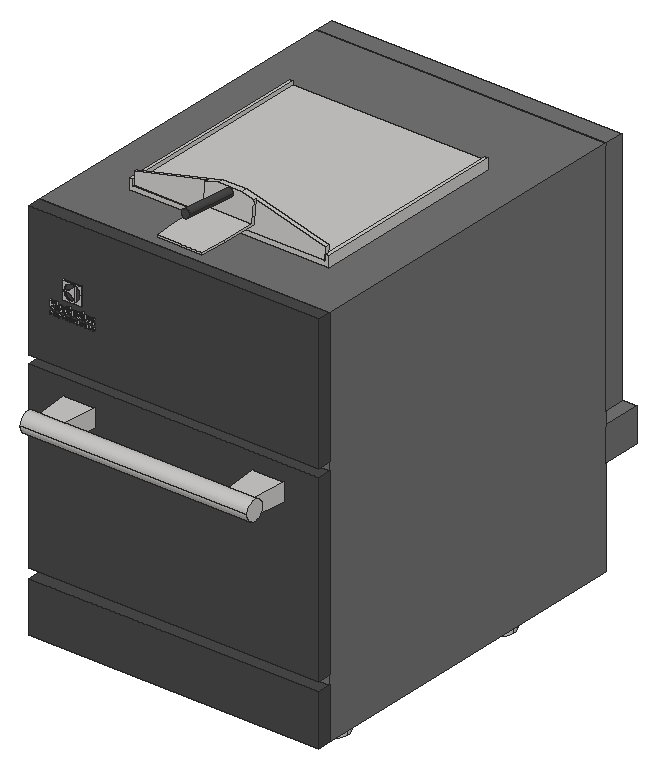
Revit family "QF_ELECTROLUXPROFESSIONAL_603955_EPRPROSITEU", category Specialty Equipment, Revit 2023
Family settings
  Round Connector Dimension = Use Diameter
  Part Type = Normal
  Work Plane-Based = No
  Enable Cutting in Views = No
  Always vertical = Yes
  Cut with Voids When Loaded = No
  Maintain Annotation Orientation = No
  Shared = No
  Room Calculation Point = No
Parameters (values of type "Standard")
  Weight = 0.00 kg
  Watts = 0 W
  Volts = 230 V
  URL Manufacturer = "https://www.electroluxprofessional.com/"
  URL = "https://www.electroluxprofessional.com/"
  Steam Supply Size = 0 mm
  Steam Supply Minimum Pressure = 0.0 Pa
  Steam Supply Maximum Pressure = 0.0 Pa
  Steam Consumption per Hour = 0
  Show Logo [instance] = yes
  Show Clearance [instance] = yes
  Refrigeration Suction Line Size = 0 mm
  Refrigeration Liquid Line Size = 0 mm
  Refrigerant Compressor Remote = yes
  Default Elevation = 0 mm
  Manufacturer = "Electrolux Professional"
  Phase = 1
  Model = "EPRPROSITEU"
  Length Actual = 460 mm  # constant formula
  Item Number = "603955"
  Hot Water Size = 0 mm
  Height Actual = 660 mm  # constant formula
  HP = "0 HP"
  Gas Size = 0 mm
  Gas KW = 0
  Gas Input Pressure = 0 W
  Direct Waste Size = 0 mm
  Description = "GOURMEXPRESS HIGH SPEED OVEN 230V 1N 50HZ - BLACK - SCHUKO PLUG"
  Depth Actual = 710 mm  # constant formula
  Cycle = 0 Hz
  Condensate Return Size = 0 mm
  Compressed Air Volume = 0.0 L/s
  Compressed Air Size = 0 mm
  Compressed Air Pressure = 0.0 Pa
  Cold Water Size = 0 mm
  Accessory = yes
Reference planes
  plane 1 "Center X": y = 418.851
  plane 2: z = 0
  plane 3 "Center Y": x = 103.5
  plane 4 "BACK": y = 703.851
  plane 5 "FRONT": y = 133.851
  plane 6: z = 629
  plane 7 "TOP": z = 1239
  plane 8: y = -121.149
  plane 9 "RIGHT": x = 333.5
  plane 10 "LEFT": x = -126.5
  plane 11: x = -56.5
  plane 12: x = 263.5
  plane 13: y = 583.851
  plane 14: y = 253.851
  plane 15: z = 578
Forms (mm)
  Extrusion 1, solid, material "QF_Finishes_Dark Gray"
    sketch origin (0, 0, 578) x (1, 0, 0) y (0, 1, 0)
      loop
        line (-126.5, 703.851) -> (-126.5, 155.851) -> (333.5, 155.851) -> (333.5, 703.851) -> (-126.5, 703.851)
    from 51 to 661
  Extrusion 2, solid, material "QF_Finishes_Black"
    sketch origin (0, 0, 578) x (1, 0, 0) y (0, 1, 0)
      loop
        line (-126.5, 155.851) -> (-126.5, 133.851) -> (333.5, 133.851) -> (333.5, 155.851) -> (-126.5, 155.851)
    from 51 to 131
  Extrusion 3, solid, material "QF_Finishes_Black"
    sketch origin (0, 0, 673) x (1, 0, 0) y (0, 1, 0)
      loop
        line (-126.5, 155.851) -> (-126.5, 133.851) -> (333.5, 133.851) -> (333.5, 155.851) -> (-126.5, 155.851)
    from 51 to 341
  Extrusion 4, solid, material "QF_Finishes_Black"
    sketch origin (0, 0, 976) x (1, 0, 0) y (0, 1, 0)
      loop
        line (-126.5, 155.851) -> (-126.5, 133.851) -> (333.5, 133.851) -> (333.5, 155.851) -> (-126.5, 155.851)
    from 51 to 263
  Extrusion 5, solid, material "QF_Finishes_Dark Gray"
    sketch origin (-126.5, 0, 578) x (0, 1, 0) y (0, 0, 1)
      loop
        line (703.851, 661) -> (703.851, 281) -> (733.851, 281) -> (733.851, 661) -> (703.851, 661)
    from 0 to 460
  Extrusion 6, solid, material "QF_Finishes_Dark Gray"
    sketch origin (-126.5, 0, 578) x (0, 1, 0) y (0, 0, 1)
      loop
        line (703.851, 261) -> (703.851, 207) -> (763.851, 207) -> (763.851, 261) -> (703.851, 261)
    from 0 to 460
  Extrusion 7, solid, material "QF_Finishes_Dark Gray"
    sketch origin (-126.5, 703.851, 578) x (1, 0, 0) y (0, 0, -1)
      loop
        circle (230, -111) r 10
    from 0 to 10
  Extrusion 8, solid, material "QF_Finishes_Stainless Steel"
    sketch origin (-126.5, 15, 578) x (0, 1, 0) y (0, 0, 1)
      loop
        circle (53.851, 400) r 15
    from 50 to 410
  Extrusion 9, solid, material "QF_Finishes_Stainless Steel"
    sketch origin (0, 0, 578) x (1, 0, 0) y (0, 1, 0)
      loop
        line (-71.5, 133.851) -> (-64.668, 68.851) -> (-28.332, 68.851) -> (-21.5, 133.851) -> (-71.5, 133.851)
    from 382.4 to 410.034
  Extrusion 10, solid, material "QF_Finishes_Stainless Steel"
    sketch origin (207, 0, 578) x (-1, 0, 0) y (0, -1, 0)
      loop
        line (-71.5, -133.851) -> (-21.5, -133.851) -> (-28.332, -68.851) -> (-64.668, -68.851) -> (-71.5, -133.851)
    from 382.4 to 410.034
  Extrusion 11, solid, material "QF_Finishes_Stainless Steel"
    sketch origin (313.5, 559.851, 708) x (-1, 0, 0) y (0, 0, -1)
      loop
        line (367.5, -531) -> (52.5, -531) -> (52.5, -548) -> (57.5, -548) -> (57.5, -538) -> (362.5, -538) -> (362.5, -548) -> (367.5, -548) -> (367.5, -531)
    from 0 to 316
  Extrusion 12, solid, material "QF_Finishes_Stainless Steel"
    sketch origin (313.5, 192.398, 710.47) x (-1, 0, 0) y (0, -0.095638, -0.995416)
      loop
        line (362, -538.979) -> (58, -538.979) -> (58, -558.12) -> (191.039, -590.161) -> (228.961, -590.161) -> (362, -558.12) -> (362, -538.979)
    from 0 to -5
  Extrusion 13, solid, material "QF_Finishes_Stainless Steel"
    sketch origin (313.5, 192.398, 710.466) x (-1, 0, 0) y (0, -0.095638, -0.995416)
      loop
        line (228.961, -590.164) -> (248.405, -585.482) -> (248.405, -549.816) -> (171.595, -549.816) -> (171.595, -585.482) -> (191.039, -590.164) -> (228.961, -590.164)
    from 0 to 5
  Extrusion 14, solid, material "QF_Finishes_Stainless Steel"
    sketch origin (0, 1.059, 1239.429) x (1, 0, 0) y (0, 1, 0)
      loop
        line (65.095, 244.787) -> (65.095, 183.851) -> (68.512, 144.792) -> (138.488, 144.792) -> (141.905, 183.851) -> (141.905, 244.787) -> (65.095, 244.787)
    from 17.834 to 20.834
  Extrusion 15, solid, material "QF_Finishes_Black"
    sketch origin (313.5, 187.421, 710.944) x (-1, 0, 0) y (0, -0.095638, -0.995416)
      loop
        circle (210, -582.028) r 6.6
    from 0 to 86.671
  Extrusion 16, solid, material "QF_Door-Drawer Clearances", visible <- "Show Clearance", detail levels coarse
    sketch origin (-126.5, 0, 0) x (0, 1, 0) y (0, 0, 1)
      loop
        line (133.851, 724) -> (133.851, 1014)
        arc (133.851, 1014) -> (-53.454, 921.587) -> (-121.149, 724) r 273.889
        line (-121.149, 724) -> (133.851, 724)
    from 0 to 460
  Extrusion 17, solid, material "QF_Clearances", visible <- "Show Clearance", detail levels coarse
    sketch origin (0, 0, 1239) x (1, 0, 0) y (0, 1, 0)
      loop
        line (-126.5, 703.851) -> (333.5, 703.851) -> (333.5, 133.851) -> (393.5, 133.851) -> (393.5, 763.851) -> (-186.5, 763.851) -> (-186.5, 133.851) -> (-126.5, 133.851) -> (-126.5, 703.851)
    from -661 to 140
  Extrusion 18, solid, material "QF_Clearances", visible <- "Show Clearance", detail levels coarse
    sketch origin (0, 0, 1239) x (1, 0, 0) y (0, 1, 0)
      loop
        line (-126.5, 703.851) -> (-126.5, 133.851) -> (333.5, 133.851) -> (333.5, 703.851) -> (-126.5, 703.851)
    from 0 to 140
  Extrusion 19, solid, material "QF_Finishes_Stainless Steel"
    sketch origin (313.5, 429.285, 708) x (-1, 0, 0) y (0, 0, -1)
      loop
        line (362, -543.5) -> (362, -538.5) -> (58, -538.5) -> (58, -543.5) -> (362, -543.5)
    from -130.566 to 180.363
Cuts and joins
  joined: Extrusion 8, Extrusion 9, Extrusion 10
  joined: Extrusion 12, Extrusion 13, Extrusion 14, Extrusion 19
Lines and regions (mm)
  Split face 1
    outline origin (365.185, 133.851, 976) x (-1, 0, 0) y (0, 0, -1)
      loop
        line (491.685, -81) -> (363.685, -81) -> (351.685, -69) -> (171.685, -69) -> (159.685, -81) -> (31.685, -81)
  Split face 2
    outline origin (365.185, 133.851, 976) x (-1, 0, 0) y (0, 0, -1)
      loop
        line (316.685, -185) -> (316.685, -119) -> (206.685, -119) -> (206.685, -185) -> (316.685, -185)
  Split face 3
    outline origin (365.185, 133.851, 976) x (-1, 0, 0) y (0, 0, -1)
      loop
        circle (101.685, -153.968) r 15
  symbolic lines
    curve 1: line (-126.5, 703.851, 1239) -> (333.5, 703.851, 1239)
    curve 2: line (-126.5, 133.851, 1239) -> (-126.5, 703.851, 1239)
    curve 3: line (333.5, 133.851, 1239) -> (-126.5, 133.851, 1239)
    curve 4: line (333.5, 703.851, 1239) -> (333.5, 133.851, 1239)
    curve 5: line (-54, 559.851, 1239) -> (261, 559.851, 1239)
    curve 6: line (-54, 243.851, 1239) -> (-54, 559.851, 1239)
    curve 7: line (261, 243.851, 1239) -> (141.905, 243.851, 1239)
    curve 8: line (261, 559.851, 1239) -> (261, 243.851, 1239)
    curve 9: line (65.095, 248.392, 1239) -> (65.095, 184.91, 1239)
    curve 10: line (65.095, 184.91, 1239) -> (68.512, 145.851, 1239)
    curve 11: line (138.488, 145.851, 1239) -> (141.905, 184.91, 1239)
    curve 12: line (141.905, 184.91, 1239) -> (141.905, 248.392, 1239)
    curve 13: spline (110.1, 156.811, 1239) -> (109.875, 156.974, 1239) -> (109.216, 157.126, 1239) -> (108.167, 157.257, 1239) -> (106.8, 157.357, 1239) -> (105.208, 157.42, 1239) -> (103.5, 157.442, 1239) -> (101.792, 157.42, 1239) -> (100.2, 157.357, 1239) -> (98.833, 157.257, 1239) -> (97.784, 157.126, 1239) -> (97.125, 156.974, 1239) -> (96.9, 156.811, 1239)
    curve 14: spline (96.9, 156.811, 1239) -> (97.125, 156.647, 1239) -> (97.784, 156.495, 1239) -> (98.833, 156.364, 1239) -> (100.2, 156.264, 1239) -> (101.792, 156.201, 1239) -> (103.5, 156.18, 1239) -> (105.208, 156.201, 1239) -> (106.8, 156.264, 1239) -> (108.167, 156.364, 1239) -> (109.216, 156.495, 1239) -> (109.875, 156.647, 1239) -> (110.1, 156.811, 1239)
    curve 15: line (96.9, 156.811, 1239) -> (96.9, 243.084, 1239)
    curve 16: spline (96.9, 243.084, 1239) -> (97.125, 243.248, 1239) -> (97.784, 243.4, 1239) -> (98.833, 243.531, 1239) -> (100.2, 243.631, 1239) -> (101.792, 243.694, 1239) -> (103.5, 243.715, 1239) -> (105.208, 243.694, 1239) -> (106.8, 243.631, 1239) -> (108.167, 243.531, 1239) -> (109.216, 243.4, 1239) -> (109.875, 243.248, 1239) -> (110.1, 243.084, 1239)
    curve 17: line (110.1, 156.811, 1239) -> (110.1, 243.084, 1239)
    curve 18: line (-27.16, 80.001, 1239) -> (-21.5, 133.851, 1239)
    curve 19: line (-71.5, 133.851, 1239) -> (-65.84, 80.001, 1239)
    curve 20: line (-76.5, 83.851, 1239) -> (-66.245, 83.851, 1239)
    curve 21: line (-76.5, 53.851, 1239) -> (-76.5, 83.851, 1239)
    curve 22: line (283.5, 53.851, 1239) -> (-76.5, 53.851, 1239)
    curve 23: line (283.5, 83.851, 1239) -> (283.5, 53.851, 1239)
    curve 24: line (228.5, 133.851, 1239) -> (234.16, 80.001, 1239)
    curve 25: line (272.84, 80.001, 1239) -> (278.5, 133.851, 1239)
    curve 34: line (-126.5, 703.851, 1239) -> (-126.5, 733.851, 1239)
    curve 35: line (-126.5, 733.851, 1239) -> (333.5, 733.851, 1239)
    curve 36: line (333.5, 733.851, 1239) -> (333.5, 703.851, 1239)
    curve 37: line (-126.5, 733.851, 1239) -> (-126.5, 763.851, 1239)
    curve 38: line (333.5, 763.851, 1239) -> (333.5, 733.851, 1239)
    curve 39: line (-126.5, 763.851, 0) -> (333.5, 763.851, 0)
    curve 40: line (68.512, 145.851, 1239) -> (138.488, 145.851, 1239)
    curve 41: line (-26.755, 83.851, 1239) -> (233.755, 83.851, 1239)
    curve 42: line (273.245, 83.851, 1239) -> (283.5, 83.851, 1239)
    curve 43: line (234.16, 80.001, 1239) -> (272.84, 80.001, 1239)
    curve 44: line (-65.84, 80.001, 1239) -> (-27.16, 80.001, 1239)
    curve 45: spline (96.9, 243.085, 1239) -> (97.125, 243.248, 1239) -> (97.784, 243.4, 1239) -> (98.833, 243.531, 1239) -> (100.2, 243.631, 1239) -> (101.792, 243.694, 1239) -> (103.5, 243.716, 1239) -> (105.208, 243.694, 1239) -> (106.8, 243.631, 1239) -> (108.167, 243.531, 1239) -> (109.216, 243.4, 1239) -> (109.875, 243.248, 1239) -> (110.1, 243.085, 1239)
    curve 46: line (84.539, 253.817, 1239) -> (84.539, 243.863, 1239)
    curve 47: line (122.461, 243.863, 1239) -> (122.461, 253.817, 1239)
    curve 48: line (122.461, 253.817, 1239) -> (255.5, 250.752, 1239)
    curve 49: line (256, 559.851, 1239) -> (256, 243.851, 1239)
    curve 50: line (255.5, 243.851, 1239) -> (255.5, 559.851, 1239)
    curve 51: line (-48.5, 559.851, 1239) -> (-48.5, 243.851, 1239)
    curve 52: line (-49, 243.851, 1239) -> (-49, 559.851, 1239)
    curve 53: line (141.905, 248.392, 1239) -> (255.5, 245.775, 1239)
    curve 54: line (141.905, 240.198, 1239) -> (110.1, 240.198, 1239)
    curve 55: line (141.905, 243.415, 1239) -> (122.461, 243.863, 1239)
    curve 56: line (84.539, 243.863, 1239) -> (65.095, 243.415, 1239)
    curve 57: line (-48.5, 245.775, 1239) -> (65.095, 248.392, 1239)
    curve 58: line (-48.5, 250.752, 1239) -> (84.539, 253.817, 1239)
    curve 59: line (84.539, 253.817, 1239) -> (122.461, 253.817, 1239)
    curve 60: line (122.461, 243.863, 1239) -> (84.539, 243.863, 1239)
    curve 61: line (65.095, 243.851, 1239) -> (-54, 243.851, 1239)
    curve 62: line (96.9, 240.198, 1239) -> (65.095, 240.198, 1239)
  symbolic lines, style "QF_Door-Drawer Clearances"
    curve 26: line (-126.5, 133.851, 1239) -> (-126.5, -121.149, 1239)
    curve 27: line (-126.5, -121.149, 1239) -> (333.5, -121.149, 1239)
    curve 28: line (333.5, -121.149, 1239) -> (333.5, 133.851, 1239)
  symbolic lines, style "QF_Clearances"
    curve 29: line (-186.5, 763.851, 1239) -> (-126.5, 763.851, 1239)
    curve 30: line (393.5, 763.851, 1239) -> (393.5, 133.851, 1239)
    curve 31: line (393.5, 133.851, 1239) -> (333.5, 133.851, 1239)
    curve 32: line (-126.5, 133.851, 1239) -> (-186.5, 133.851, 1239)
    curve 33: line (-186.5, 133.851, 1239) -> (-186.5, 763.851, 1239)
    curve 63: line (333.5, 763.851, 1239) -> (393.5, 763.851, 1239)
Dimensions and locks
  plane 4 "BACK" to plane 5 "FRONT" = 570 mm
  equal spacing: plane 4 "BACK", plane 1 "Center X", plane 5 "FRONT"
  equal spacing: plane 10 "LEFT", plane 3 "Center Y", plane 9 "RIGHT"
  plane 10 "LEFT" to plane 9 "RIGHT" = 460 mm
  plane 5 "FRONT" to plane 8 = 255 mm
  plane 6 to plane 15 = 51 mm
  plane 7 "TOP" to plane 6 = 610 mm
  plane 11 to plane 12 = 320 mm
  plane 13 to plane 14 = 330 mm  (x2)
  plane 15 to level = 578 mm
  aligned and locked: level to plane 2
  aligned and locked: plane 12 to nested 2
  aligned and locked: plane 12 to nested 3
  aligned and locked: plane 11 to nested 1
  aligned and locked: plane 11 to nested 4
  aligned and locked: nested 4 to plane 13
  aligned and locked: nested 3 to plane 13
  aligned and locked: nested 1 to plane 14
  aligned and locked: nested 2 to plane 14
  aligned and locked: Extrusion 1 sketch curve to plane 4 "BACK"
  aligned and locked: plane 10 "LEFT" to Extrusion 1 sketch curve
  aligned and locked: Extrusion 1 sketch curve to plane 9 "RIGHT"
  aligned and locked: Extrusion 1 to plane 6
  aligned and locked: plane 7 "TOP" to Extrusion 1
  aligned and locked: Extrusion 2 sketch curve to Extrusion 1  (x2)
  aligned and locked: plane 5 "FRONT" to Extrusion 2 sketch curve
  aligned and locked: Extrusion 2 sketch curve to plane 9 "RIGHT"
  aligned and locked: Extrusion 2 to plane 6
  aligned and locked: plane 7 "TOP" to Extrusion 4
  aligned and locked: plane 9 "RIGHT" to Extrusion 5
  aligned and locked: plane 9 "RIGHT" to Extrusion 16
Automatic sketch dimensions
  Extrusion 9 sketch curve to plane 5 "FRONT" = 0 mm
  Extrusion 9 sketch curve to plane 11 = 8.168 mm
  plane 11 to Extrusion 9 sketch curve = 28.168 mm
  plane 11 to Extrusion 9 sketch curve = 35 mm
  Extrusion 10 sketch curve to plane 5 "FRONT" = 0 mm
  Extrusion 10 sketch curve to plane 12 = 8.168 mm
  plane 12 to Extrusion 10 sketch curve = 28.168 mm
  plane 12 to Extrusion 10 sketch curve = 35 mm
  Extrusion 12 sketch curve to plane 12 = 8 mm
  plane 3 "Center Y" to Extrusion 12 sketch curve = 18.961 mm
  Extrusion 12 sketch curve to plane 3 "Center Y" = 18.961 mm
  plane 11 to Extrusion 12 sketch curve = 8 mm
  Extrusion 12 sketch curve to Extrusion 12 sketch curve = 32.04 mm  (x2)
  Extrusion 12 sketch curve to Extrusion 12 sketch curve = 19.141 mm
  Extrusion 13 sketch curve to Extrusion 12 = 0 mm  (x5)
  Extrusion 13 sketch curve to Extrusion 12 = 10.834 mm
  Extrusion 13 sketch curve to Extrusion 13 sketch curve = 19.444 mm  (x2)
  Extrusion 14 sketch curve to plane 14 = 8.005 mm
  Extrusion 14 sketch curve to plane 3 "Center Y" = 38.405 mm
  plane 5 "FRONT" to Extrusion 14 sketch curve = 12 mm
  Extrusion 14 sketch curve to plane 3 "Center Y" = 34.988 mm
  plane 3 "Center Y" to Extrusion 14 sketch curve = 34.988 mm
  plane 3 "Center Y" to Extrusion 14 sketch curve = 38.405 mm
  Extrusion 15 sketch curve to Extrusion 13 = 8.137 mm
  Extrusion 15 sketch curve to Extrusion 13 = 38.405 mm
  Extrusion 9 sketch curve to plane 11 = 15 mm
  Extrusion 10 sketch curve to plane 12 = 15 mm
  Extrusion 9 sketch curve to plane 5 "FRONT" = 65 mm
  plane 5 "FRONT" to Extrusion 10 sketch curve = 65 mm
  plane 5 "FRONT" to Extrusion 1 sketch curve = 22 mm
  Extrusion 14 sketch curve to Extrusion 14 sketch curve = 39.059 mm  (x2)
  curve 39 to plane 10 "LEFT" = 0 mm
  curve 39 to plane 9 "RIGHT" = 0 mm
  plane 4 "BACK" to curve 39 = 60 mm
  Extrusion 3 sketch curve to plane 5 "FRONT" = 0 mm
  Extrusion 3 sketch curve to plane 10 "LEFT" = 0 mm
  Extrusion 3 sketch curve to plane 9 "RIGHT" = 0 mm
  plane 5 "FRONT" to Extrusion 3 sketch curve = 22 mm
  Extrusion 4 sketch curve to plane 5 "FRONT" = 0 mm
  Extrusion 4 sketch curve to plane 10 "LEFT" = 0 mm
  Extrusion 4 sketch curve to plane 9 "RIGHT" = 0 mm
  plane 5 "FRONT" to Extrusion 4 sketch curve = 22 mm
  Split face 1 sketch curve to Extrusion 4 = 0 mm
  Extrusion 4 to Split face 1 sketch curve = 0 mm
  Split face 1 sketch curve to Extrusion 4 = 30 mm
  Split face 1 sketch curve to Split face 1 sketch curve = 128 mm
  Split face 1 sketch curve to Split face 1 sketch curve = 12 mm  (x3)
  Split face 1 sketch curve to Extrusion 4 = 18 mm
  Split face 1 sketch curve to Extrusion 4 = 140 mm
  Split face 2 sketch curve to Extrusion 4 = 78 mm
  Split face 2 sketch curve to Extrusion 4 = 175 mm
  Split face 2 sketch curve to Split face 2 sketch curve = 110 mm
  Split face 2 sketch curve to Split face 2 sketch curve = 66 mm
  Split face 3 sketch curve to Extrusion 4 = 70 mm
  Split face 3 sketch curve to Extrusion 4 = 102.968 mm
  Extrusion 5 sketch curve to plane 4 "BACK" = 0 mm
  Extrusion 5 sketch curve to plane 7 "TOP" = 0 mm
  plane 4 "BACK" to Extrusion 5 sketch curve = 30 mm
  plane 6 to Extrusion 5 sketch curve = 230 mm
  Extrusion 6 sketch curve to plane 4 "BACK" = 0 mm
  plane 4 "BACK" to Extrusion 6 sketch curve = 60 mm
  plane 6 to Extrusion 6 sketch curve = 156 mm
  Extrusion 6 sketch curve to Extrusion 6 sketch curve = 54 mm
  Extrusion 1 to Extrusion 7 sketch curve = 60 mm
  Extrusion 7 sketch curve to Extrusion 1 = 230 mm
  Extrusion 8 sketch curve to plane 5 "FRONT" = 65 mm
  Extrusion 8 sketch curve to plane 7 "TOP" = 261 mm
  Extrusion 11 sketch curve to plane 7 "TOP" = 0 mm
  Extrusion 11 sketch curve to plane 12 = 2.5 mm
  Extrusion 11 sketch curve to plane 12 = 7.5 mm
  plane 11 to Extrusion 11 sketch curve = 7.5 mm
  plane 11 to Extrusion 11 sketch curve = 2.5 mm
  plane 7 "TOP" to Extrusion 11 sketch curve = 7 mm
  Extrusion 11 sketch curve to Extrusion 11 sketch curve = 10 mm  (x2)
  Extrusion 16 sketch curve to plane 8 = 0 mm
  Extrusion 16 sketch curve to plane 5 "FRONT" = 0 mm
  plane 5 "FRONT" to Extrusion 16 sketch curve = 18.377 mm
  plane 6 to Extrusion 16 sketch curve = 95 mm
  Extrusion 16 sketch curve to Extrusion 16 sketch curve = 16.729 mm
  Extrusion 17 sketch curve to Extrusion 1 = 0 mm  (x3)
  Extrusion 1 to Extrusion 17 sketch curve = 22 mm  (x2)
  Extrusion 1 to Extrusion 17 sketch curve = 60 mm  (x3)
  Extrusion 18 sketch curve to Extrusion 1 = 0 mm  (x3)
  Extrusion 1 to Extrusion 18 sketch curve = 22 mm
  Extrusion 19 sketch curve to plane 12 = 8 mm
  plane 11 to Extrusion 19 sketch curve = 8 mm
  plane 7 "TOP" to Extrusion 19 sketch curve = 12.5 mm
  Extrusion 19 sketch curve to Extrusion 19 sketch curve = 5 mm
  curve 37 to Extrusion 1 = 0 mm
  curve 4 to Extrusion 1 = 0 mm  (x2)
  Extrusion 1 to curve 33 = 22 mm
  Extrusion 1 to curve 33 = 60 mm  (x2)
  curve 20 to Extrusion 1 = 50 mm
  curve 20 to curve 19 = 10.66 mm
  curve 6 to Extrusion 1 = 72.5 mm
  curve 19 to curve 18 = 38.68 mm
  curve 6 to curve 9 = 119.095 mm
  Extrusion 1 to curve 40 = 10 mm
  curve 9 to curve 40 = 3.417 mm
  curve 9 to curve 46 = 19.444 mm
  curve 46 to curve 15 = 12.361 mm
  curve 17 to Extrusion 1 = 0.96 mm
  curve 13 to curve 17 = 13.2 mm
  curve 55 to Extrusion 1 = 88.012 mm
  curve 16 to curve 55 = 12.361 mm
  curve 13 to curve 11 = 28.388 mm
  curve 53 to Extrusion 1 = 92.541 mm
  curve 47 to curve 53 = 19.444 mm
  curve 24 to Extrusion 1 = 99.34 mm
  curve 5 to Extrusion 1 = 72.5 mm
  curve 24 to curve 43 = 38.68 mm
  curve 25 to curve 42 = 10.66 mm
  curve 63 to curve 30 = 60 mm
  curve 21 to curve 19 = 50 mm
  curve 42 to curve 25 = 50 mm
  curve 43 to curve 42 = 3.85 mm
  curve 44 to curve 20 = 3.85 mm
  curve 21 to curve 19 = 26.15 mm
  curve 28 to curve 22 = 175 mm
  curve 10 to Extrusion 1 = 29.059 mm
  curve 11 to Extrusion 1 = 29.059 mm
  curve 17 to curve 47 = 0.779 mm
  curve 6 to Extrusion 1 = 88 mm
  curve 8 to Extrusion 1 = 88 mm
  curve 61 to curve 9 = 4.541 mm
  curve 47 to curve 47 = 9.954 mm
  curve 5 to Extrusion 1 = 144 mm
  Extrusion 1 to curve 38 = 30 mm
  Extrusion 1 to curve 30 = 60 mm
  curve 20 to curve 19 = 5 mm
  curve 5 to curve 52 = 5 mm
  curve 52 to curve 58 = 0.5 mm
  curve 18 to curve 41 = 0.405 mm
  curve 19 to curve 18 = 50 mm
  curve 45 to curve 15 = 0 mm
  curve 45 to curve 16 = 0 mm
  curve 24 to curve 24 = 5.66 mm
  curve 53 to curve 7 = 5.5 mm
  curve 50 to curve 49 = 0.5 mm
  curve 25 to curve 42 = 0.405 mm
  curve 62 to curve 61 = 3.653 mm
  curve 54 to curve 7 = 3.653 mm
  curve 15 to curve 45 = 0 mm
  curve 55 to curve 7 = 0.436 mm
  curve 56 to curve 61 = 0.436 mm
  curve 51 to curve 57 = 1.924 mm
  curve 50 to curve 53 = 1.924 mm
  curve 57 to curve 58 = 4.977 mm
  curve 53 to curve 48 = 4.977 mm
  radius of Extrusion 15 sketch curve = 6.6 mm
  radius of Split face 3 sketch curve = 15 mm
  radius of Extrusion 7 sketch curve = 10 mm
  radius of Extrusion 8 sketch curve = 15 mm
Nested families
  nested 1: "Foot_Complete" at (-56.5, 253.851, 578), type "Foot_Complete"
  nested 2: "Foot_Complete" at (263.5, 253.851, 578), type "Foot_Complete"
  nested 3: "Foot_Complete" at (263.5, 583.851, 578), type "Foot_Complete"
  nested 4: "Foot_Complete" at (-56.5, 583.851, 578), type "Foot_Complete"
  nested 5: "ELX_Logo_Professional" at (-56.5, 133.851, 1122.524) x (1, 0, 0) z (0, -1, 0), visible <- "Show Logo", type "ELX_Logo_Professional"
Connectors
  electrical at (103.5, 713.851, 689)
    settings: on Extrusion 7, index 1, voltage 0 V, apparent load 0 VA, apparent load phase1 0 VA, apparent load phase2 0 VA, apparent load phase3 0 VA, power factor 1, load classification "Altro", number of poles 1, system type 30, power factor state 1, is connector primary yes, connector utility no, sub classification motor no, connector description "Electrical"
Definition of nested family "Foot_Complete"
  Parameters (values of type "Foot_Complete")
    R = 25 mm
    Default Elevation = 0 mm
    H = 51 mm
  Reference planes
    plane 1 "Centro (Fronte/Retro)": y = 0
    plane 2: z = 0
    plane 3 "Centro (Sinistra/Destra)": x = 0
    plane 4: z = 51
  Forms (mm)
    Revolve 1, solid
      sketch origin (255.05, 0, 608.09) x (0, 0, 1) y (-1, 0, 0)
        loop
          line (-608.09, 255.05) -> (-608.09, 235.05) -> (-597.09, 235.05) -> (-597.09, 230.05) -> (-557.09, 230.05) -> (-557.09, 255.05) -> (-608.09, 255.05)
        axis (-608.09, 255.05) -> (-557.09, 255.05)
      angle from 0 to 360
  Dimensions and locks
    level to Revolve 1 sketch curve = 11 mm
    "R": Revolve 1 sketch curve to plane 3 "Centro (Sinistra/Destra)"
    "H": plane 4 to level
    aligned and locked: level to plane 2
    aligned and locked: plane 4 to Revolve 1 sketch curve
    aligned and locked: Revolve 1 sketch curve to level
    aligned and locked: plane 3 "Centro (Sinistra/Destra)" to Revolve 1 sketch curve
  Automatic sketch dimensions
    Revolve 1 sketch curve to plane 3 "Centro (Sinistra/Destra)" = 0 mm
    Revolve 1 sketch curve to Revolve 1 sketch curve = 5 mm
    Revolve 1 sketch curve to Revolve 1 sketch curve = 50 mm
    Revolve 1 sketch curve to Revolve 1 sketch curve = 20 mm
Definition of nested family "ELX_Logo_Professional"
  Parameters (values of type "ELX_Logo_Professional")
    materiale = none
    Default Elevation = 0 mm
  Reference planes
    plane 1 "Centro (Fronte/Retro)": y = 0
    plane 2: z = 0
    plane 3 "Centro (Sinistra/Destra)": x = 0
  Forms (mm)
    Extrusion 1, solid
      sketch origin (0, 0, 0) x (1, 0, 0) y (0, 1, 0)
        loop
          line (-1219.2, 1219.2) -> (-1219.2, -1219.2) -> (1219.2, -1219.2) -> (1219.2, 1219.2) -> (-1219.2, 1219.2)
      from 0 to -304.8
    Extrusion 2, solid, material <- "materiale"
      sketch origin (-144.622, -1081.55, 0) x (-1, 0, 0) y (0, -1, 0)
        loop
          line (-130.265, -1113.361) -> (-130.265, -1084.645) -> (-158.979, -1084.645) -> (-158.979, -1113.361) -> (-130.265, -1113.361)
        loop
          arc (-146.24, -1106.937) -> (-147.076, -1109.166) -> (-147.324, -1111.534) r 9.395
          arc (-147.324, -1111.534) -> (-145.139, -1111.806) -> (-142.939, -1111.706) r 13.008
          line (-142.939, -1111.706) -> (-141.329, -1111.382) -> (-139.8, -1110.859) -> (-138.364, -1110.152) -> (-137.035, -1109.277) -> (-135.826, -1108.249) -> (-134.751, -1107.081) -> (-133.821, -1105.789) -> (-133.05, -1104.389) -> (-132.452, -1102.893) -> (-132.039, -1101.318) -> (-131.824, -1099.675) -> (-134.539, -1099.675) -> (-136.155, -1099.784) -> (-137.741, -1100.101) -> (-139.277, -1100.613) -> (-140.74, -1101.304) -> (-142.111, -1102.159) -> (-143.367, -1103.165) -> (-144.488, -1104.306) -> (-145.453, -1105.568) -> (-146.24, -1106.937)
        loop
          line (-148.67, -1086.844) -> (-150.173, -1087.464) -> (-151.57, -1088.253) -> (-152.847, -1089.196) -> (-153.992, -1090.281) -> (-154.994, -1091.494) -> (-155.841, -1092.821) -> (-156.519, -1094.25) -> (-157.018, -1095.766) -> (-157.324, -1097.357) -> (-157.427, -1099.009) -> (-157.315, -1100.685) -> (-156.998, -1102.296) -> (-156.488, -1103.827) -> (-155.799, -1105.265) -> (-154.946, -1106.596) -> (-153.94, -1107.806) -> (-152.796, -1108.882) -> (-151.528, -1109.81) -> (-150.148, -1110.576) -> (-148.67, -1111.167) -> (-148.67, -1086.844)
        loop
          arc (-147.323, -1086.473) -> (-147.041, -1088.83) -> (-146.239, -1091.065) r 10.532
          line (-146.239, -1091.065) -> (-145.452, -1092.432) -> (-144.488, -1093.693) -> (-143.367, -1094.833) -> (-142.111, -1095.838) -> (-140.741, -1096.693) -> (-139.278, -1097.383) -> (-137.743, -1097.894) -> (-136.157, -1098.211) -> (-134.541, -1098.32) -> (-131.822, -1098.32) -> (-131.976, -1096.81) -> (-132.312, -1095.353) -> (-132.818, -1093.961) -> (-133.481, -1092.644) -> (-134.291, -1091.416) -> (-135.235, -1090.288) -> (-136.302, -1089.272) -> (-137.48, -1088.379) -> (-138.757, -1087.622) -> (-140.121, -1087.012) -> (-141.56, -1086.561) -> (-143.063, -1086.281) -> (-144.633, -1086.183)
          arc (-144.633, -1086.183) -> (-145.985, -1086.264) -> (-147.323, -1086.473) r 14.39
        loop
          line (-111.329, -1069.559) -> (-111.329, -1071.073) -> (-116.048, -1071.073) -> (-116.048, -1072.896) -> (-111.328, -1072.896) -> (-111.328, -1075.549) -> (-116.349, -1075.549) -> (-116.349, -1077.368) -> (-109.396, -1077.368) -> (-109.396, -1073.46) -> (-109.396, -1069.659)
          arc (-109.396, -1069.659) -> (-110.425, -1067.175) -> (-112.909, -1066.146) r 3.513
          line (-112.909, -1066.146) -> (-116.483, -1066.146) -> (-116.483, -1067.963) -> (-112.925, -1067.963)
          arc (-112.925, -1067.963) -> (-111.797, -1068.431) -> (-111.329, -1069.559) r 1.596
        loop
          line (-119.79, -1077.358) -> (-117.856, -1077.358) -> (-117.856, -1072.053) -> (-117.856, -1066.132) -> (-119.79, -1066.132) -> (-119.79, -1072.092) -> (-119.79, -1077.358)
        loop
          line (-122.986, -1069.718) -> (-129.327, -1069.718)
          arc (-129.327, -1069.718) -> (-129.219, -1071.449) -> (-128.497, -1073.026) r 4.757
          arc (-128.497, -1073.026) -> (-125.237, -1074.5) -> (-121.978, -1073.026) r 4.34
          arc (-121.978, -1073.026) -> (-121.072, -1070.207) -> (-121.978, -1067.388) r 4.838
          arc (-121.978, -1067.388) -> (-125.393, -1065.933) -> (-128.809, -1067.388) r 4.737
          line (-128.809, -1067.388) -> (-127.645, -1068.52)
          arc (-127.645, -1068.52) -> (-125.509, -1067.576) -> (-123.374, -1068.52) r 2.888
          arc (-123.374, -1068.52) -> (-123.05, -1069.077) -> (-122.986, -1069.718) r 1.527
        loop
          arc (-127.386, -1071.076) -> (-126.67, -1072.331) -> (-125.331, -1072.872) r 2.201
          arc (-125.331, -1072.872) -> (-123.848, -1072.402) -> (-123.033, -1071.076) r 2.23
          line (-123.033, -1071.076) -> (-127.386, -1071.076)
        loop
          line (-136.862, -1071.886) -> (-138.059, -1073.132)
          arc (-138.059, -1073.132) -> (-130.327, -1070.219) -> (-138.059, -1067.306) r 4.415
          line (-138.059, -1067.306) -> (-136.862, -1068.553)
          arc (-136.862, -1068.553) -> (-132.252, -1070.22) -> (-136.862, -1071.886) r 2.606
        loop
          line (-141.192, -1069.673) -> (-141.192, -1072.494) -> (-142.951, -1072.494) -> (-142.951, -1074.25) -> (-141.195, -1074.25) -> (-141.195, -1077.358) -> (-139.262, -1077.358) -> (-139.262, -1073.332) -> (-139.262, -1069.514)
          arc (-139.262, -1069.514) -> (-140.299, -1066.92) -> (-142.98, -1066.132) r 3.196
          line (-142.98, -1066.132) -> (-142.987, -1067.949)
          arc (-142.987, -1067.949) -> (-141.652, -1068.356) -> (-141.192, -1069.673) r 1.542
        loop
          line (-146.494, -1073.042) -> (-146.494, -1074.25) -> (-144.576, -1074.25) -> (-144.576, -1070.271) -> (-144.576, -1066.132) -> (-146.494, -1066.132) -> (-146.494, -1070.401)
          arc (-146.494, -1070.401) -> (-147.446, -1072.228) -> (-149.489, -1072.494) r 2.229
          line (-149.489, -1072.494) -> (-149.489, -1074.362)
          arc (-149.489, -1074.362) -> (-147.761, -1074.226) -> (-146.494, -1073.042) r 2.627
        loop
          line (-159.833, -1072.246) -> (-159.833, -1066.131) -> (-161.767, -1066.131) -> (-161.767, -1072.17) -> (-161.767, -1077.359) -> (-159.833, -1077.359) -> (-159.833, -1072.246)
        loop
          line (-165.194, -1069.514) -> (-165.194, -1074.25) -> (-163.245, -1074.25) -> (-163.245, -1071.898) -> (-163.245, -1069.098)
          arc (-163.245, -1069.098) -> (-166.96, -1065.769) -> (-170.687, -1069.085) r 3.745
          line (-170.687, -1069.085) -> (-170.687, -1071.898) -> (-170.687, -1074.25) -> (-168.739, -1074.25) -> (-168.739, -1069.514)
          arc (-168.739, -1069.514) -> (-166.967, -1067.742) -> (-165.194, -1069.514) r 1.772
        loop
          line (-174.654, -1070.416) -> (-172.975, -1068.078) -> (-171.578, -1066.131) -> (-173.656, -1066.131) -> (-175.717, -1068.999) -> (-177.779, -1066.131) -> (-179.857, -1066.131) -> (-178, -1068.728) -> (-176.781, -1070.433) -> (-178.29, -1072.488) -> (-179.583, -1074.25) -> (-177.473, -1074.25) -> (-175.717, -1071.818) -> (-173.945, -1074.25) -> (-171.852, -1074.25) -> (-173.052, -1072.608) -> (-174.654, -1070.416)
        loop
          circle (-154.223, -1070.188) r 2.508
        loop
          circle (-154.223, -1070.188) r 4.42
        loop
          line (-110.224, -1058.542) -> (-111.194, -1058.542)
          arc (-111.194, -1058.542) -> (-112.217, -1059.95) -> (-110.924, -1061.114) r 1.3
          line (-110.924, -1061.114) -> (-109.424, -1061.114) -> (-109.424, -1057.223) -> (-110.224, -1057.223) -> (-110.224, -1058.542)
        loop
          line (-110.224, -1060.379) -> (-110.224, -1059.293) -> (-111.03, -1059.293)
          arc (-111.03, -1059.293) -> (-111.43, -1059.836) -> (-111.03, -1060.379) r 0.569
          line (-111.03, -1060.379) -> (-110.224, -1060.379)
        loop
          line (-116.302, -1058.564) -> (-117.128, -1058.564) -> (-117.934, -1057.223) -> (-118.841, -1057.223) -> (-117.833, -1058.884)
          arc (-117.833, -1058.884) -> (-118.214, -1060.282) -> (-117.028, -1061.114) r 1.26
          line (-117.028, -1061.114) -> (-115.503, -1061.114) -> (-115.503, -1057.223) -> (-116.302, -1057.223) -> (-116.302, -1058.564)
        loop
          line (-116.302, -1060.379) -> (-116.302, -1059.293) -> (-117.109, -1059.293)
          arc (-117.109, -1059.293) -> (-117.508, -1059.836) -> (-117.109, -1060.379) r 0.569
          line (-117.109, -1060.379) -> (-116.302, -1060.379)
        loop
          line (-128.923, -1057.223) -> (-129.723, -1057.223) -> (-129.723, -1058.714) -> (-131.187, -1058.714) -> (-131.187, -1059.514) -> (-129.723, -1059.514) -> (-129.723, -1060.314) -> (-131.327, -1060.314) -> (-131.327, -1061.114) -> (-128.923, -1061.114) -> (-128.923, -1057.223)
        loop
          arc (-134.628, -1058.469) -> (-134.992, -1057.588) -> (-135.874, -1057.223) r 1.246
          line (-135.874, -1057.223) -> (-137.13, -1057.223) -> (-137.13, -1058.023) -> (-135.969, -1058.023)
          arc (-135.969, -1058.023) -> (-135.53, -1058.237) -> (-135.427, -1058.714) r 0.558
          line (-135.427, -1058.714) -> (-136.984, -1058.714) -> (-136.984, -1059.514) -> (-135.427, -1059.514) -> (-135.427, -1060.314) -> (-137.092, -1060.314) -> (-137.092, -1061.114) -> (-134.628, -1061.114) -> (-134.628, -1058.469)
        loop
          line (-152.3, -1057.223) -> (-153.1, -1057.223) -> (-153.1, -1061.114) -> (-152.3, -1061.114) -> (-152.3, -1057.223)
        loop
          line (-164.67, -1057.223) -> (-164.67, -1059.67) -> (-166.45, -1057.223) -> (-167.25, -1057.223) -> (-167.25, -1061.114) -> (-166.42, -1061.114) -> (-166.42, -1058.594) -> (-164.64, -1061.114) -> (-163.84, -1061.114) -> (-163.84, -1057.223) -> (-164.67, -1057.223)
        loop
          line (-170.403, -1057.223) -> (-171.262, -1057.223) -> (-171.641, -1058.063) -> (-173.08, -1058.063) -> (-173.459, -1057.223) -> (-174.317, -1057.223) -> (-172.796, -1061.113) -> (-171.996, -1061.113) -> (-170.403, -1057.223)
        loop
          line (-177.493, -1057.223) -> (-179.789, -1057.223) -> (-179.789, -1058.023) -> (-178.293, -1058.023) -> (-178.293, -1061.114) -> (-177.493, -1061.114) -> (-177.493, -1057.223)
        loop
          line (-172.362, -1059.848) -> (-171.945, -1058.83) -> (-172.76, -1058.83) -> (-172.362, -1059.848)
        loop
          circle (-158.484, -1059.145) r 1.288
        loop
          circle (-158.484, -1059.145) r 2.065
        loop
          arc (-146.04, -1058.095) -> (-146.933, -1057.275) -> (-148.145, -1057.245) r 1.725
          arc (-148.145, -1057.245) -> (-148.965, -1058.02) -> (-148.68, -1059.111) r 1.107
          arc (-148.68, -1059.111) -> (-148.103, -1059.465) -> (-147.486, -1059.746) r 5.523
          arc (-147.486, -1059.746) -> (-147.147, -1060.262) -> (-147.708, -1060.52) r 0.407
          arc (-147.708, -1060.52) -> (-148.045, -1060.315) -> (-148.325, -1060.038) r 1.702
          line (-148.325, -1060.038) -> (-149.011, -1060.45)
          arc (-149.011, -1060.45) -> (-148.578, -1060.911) -> (-148.043, -1061.247) r 2.463
          arc (-148.043, -1061.247) -> (-146.373, -1060.466) -> (-147.42, -1058.949) r 1.207
          spline (-147.42, -1058.949) -> (-147.716, -1058.809) -> (-147.932, -1058.678) -> (-148.077, -1058.557) -> (-148.163, -1058.446) -> (-148.198, -1058.347) -> (-148.192, -1058.258) -> (-148.157, -1058.182) -> (-148.102, -1058.118) -> (-148.037, -1058.068) -> (-147.972, -1058.031) -> (-147.917, -1058.008) -> (-147.883, -1058)
          arc (-147.883, -1058) -> (-147.238, -1058.014) -> (-146.759, -1058.446) r 0.925
          line (-146.759, -1058.446) -> (-146.04, -1058.095)
        loop
          arc (-140.18, -1058.095) -> (-141.073, -1057.275) -> (-142.285, -1057.245) r 1.725
          arc (-142.285, -1057.245) -> (-143.106, -1058.02) -> (-142.821, -1059.111) r 1.107
          arc (-142.821, -1059.111) -> (-142.243, -1059.465) -> (-141.627, -1059.746) r 5.523
          arc (-141.627, -1059.746) -> (-141.287, -1060.262) -> (-141.849, -1060.52) r 0.407
          arc (-141.849, -1060.52) -> (-142.185, -1060.315) -> (-142.466, -1060.038) r 1.702
          line (-142.466, -1060.038) -> (-143.151, -1060.45)
          arc (-143.151, -1060.45) -> (-142.719, -1060.911) -> (-142.183, -1061.247) r 2.463
          arc (-142.183, -1061.247) -> (-140.513, -1060.466) -> (-141.56, -1058.949) r 1.207
          spline (-141.56, -1058.949) -> (-141.856, -1058.809) -> (-142.072, -1058.678) -> (-142.218, -1058.557) -> (-142.303, -1058.446) -> (-142.338, -1058.347) -> (-142.333, -1058.258) -> (-142.298, -1058.182) -> (-142.242, -1058.118) -> (-142.177, -1058.068) -> (-142.112, -1058.031) -> (-142.057, -1058.008) -> (-142.023, -1058)
          arc (-142.023, -1058) -> (-141.378, -1058.014) -> (-140.9, -1058.446) r 0.925
          line (-140.9, -1058.446) -> (-140.18, -1058.095)
        loop
          circle (-123.484, -1059.145) r 1.288
        loop
          circle (-123.484, -1059.145) r 2.065
      from 0 to 1.6
  Lines and regions (mm)
    symbolic lines
      curve 1: line (-14.357, 31.811, 0) -> (14.357, 31.811, 0)
      curve 2: line (-14.357, 3.095, 0) -> (-14.357, 31.811, 0)
      curve 3: line (14.357, 3.095, 0) -> (-14.357, 3.095, 0)
      curve 4: line (14.357, 31.811, 0) -> (14.357, 3.095, 0)
      curve 5: line (-8.32, 7.722, 0) -> (-9.387, 8.738, 0)
      curve 6: line (-9.387, 8.738, 0) -> (-10.331, 9.866, 0)
      curve 7: line (-10.331, 9.866, 0) -> (-11.141, 11.095, 0)
      curve 8: line (-11.141, 11.095, 0) -> (-11.805, 12.411, 0)
      curve 9: line (-11.805, 12.411, 0) -> (-12.31, 13.803, 0)
      curve 10: line (-12.31, 13.803, 0) -> (-12.646, 15.26, 0)
      curve 11: line (-12.646, 15.26, 0) -> (-12.8, 16.77, 0)
      curve 12: line (-12.8, 16.77, 0) -> (-10.081, 16.77, 0)
      curve 13: line (-10.081, 16.77, 0) -> (-8.466, 16.661, 0)
      curve 14: line (-8.466, 16.661, 0) -> (-6.88, 16.344, 0)
      curve 15: line (-6.88, 16.344, 0) -> (-5.345, 15.833, 0)
      curve 16: line (-5.345, 15.833, 0) -> (-3.882, 15.143, 0)
      curve 17: line (-3.882, 15.143, 0) -> (-2.511, 14.288, 0)
      curve 18: line (-2.511, 14.288, 0) -> (-1.255, 13.283, 0)
      curve 19: line (-1.255, 13.283, 0) -> (-0.135, 12.143, 0)
      curve 20: line (-0.135, 12.143, 0) -> (0.83, 10.882, 0)
      curve 21: line (0.83, 10.882, 0) -> (1.616, 9.515, 0)
      curve 22: arc (1.616, 9.515, 0) -> (2.419, 7.28, 0) -> (2.7, 4.923, 0) r 10.532
      curve 23: arc (2.7, 4.923, 0) -> (1.362, 4.715, 0) -> (0.011, 4.633, 0) r 14.39
      curve 24: line (0.011, 4.633, 0) -> (-1.56, 4.731, 0)
      curve 25: line (-1.56, 4.731, 0) -> (-3.062, 5.011, 0)
      curve 26: line (-3.062, 5.011, 0) -> (-4.502, 5.462, 0)
      curve 27: line (-4.502, 5.462, 0) -> (-5.866, 6.072, 0)
      curve 28: line (-5.866, 6.072, 0) -> (-7.142, 6.829, 0)
      curve 29: line (-7.142, 6.829, 0) -> (-8.32, 7.722, 0)
      curve 30: line (-10.802, 24.24, 0) -> (-9.872, 25.531, 0)
      curve 31: line (-9.872, 25.531, 0) -> (-8.796, 26.699, 0)
      curve 32: line (-8.796, 26.699, 0) -> (-7.587, 27.728, 0)
      curve 33: line (-7.587, 27.728, 0) -> (-6.258, 28.602, 0)
      curve 34: line (-6.258, 28.602, 0) -> (-4.823, 29.309, 0)
      curve 35: line (-4.823, 29.309, 0) -> (-3.293, 29.832, 0)
      curve 36: line (-3.293, 29.832, 0) -> (-1.683, 30.156, 0)
      curve 37: arc (-1.683, 30.156, 0) -> (0.517, 30.256, 0) -> (2.702, 29.984, 0) r 13.008
      curve 38: arc (2.702, 29.984, 0) -> (2.453, 27.616, 0) -> (1.617, 25.387, 0) r 9.395
      curve 39: line (1.617, 25.387, 0) -> (0.83, 24.018, 0)
      curve 40: line (0.83, 24.018, 0) -> (-0.134, 22.756, 0)
      curve 41: line (-0.134, 22.756, 0) -> (-1.255, 21.615, 0)
      curve 42: line (-1.255, 21.615, 0) -> (-2.512, 20.609, 0)
      curve 43: line (-2.512, 20.609, 0) -> (-3.882, 19.754, 0)
      curve 44: line (-3.882, 19.754, 0) -> (-5.346, 19.063, 0)
      curve 45: line (-5.346, 19.063, 0) -> (-6.881, 18.551, 0)
      curve 46: line (-6.881, 18.551, 0) -> (-8.467, 18.234, 0)
      curve 47: line (-8.467, 18.234, 0) -> (-10.083, 18.125, 0)
      curve 48: line (-10.083, 18.125, 0) -> (-12.798, 18.125, 0)
      curve 49: line (-12.798, 18.125, 0) -> (-12.584, 19.768, 0)
      curve 50: line (-12.584, 19.768, 0) -> (-12.171, 21.343, 0)
      curve 51: line (-12.171, 21.343, 0) -> (-11.572, 22.839, 0)
      curve 52: line (-11.572, 22.839, 0) -> (-10.802, 24.24, 0)
      curve 53: line (4.048, 5.294, 0) -> (4.048, 29.617, 0)
      curve 54: line (4.048, 29.617, 0) -> (5.525, 29.026, 0)
      curve 55: line (5.525, 29.026, 0) -> (6.905, 28.26, 0)
      curve 56: line (6.905, 28.26, 0) -> (8.174, 27.332, 0)
      curve 57: line (8.174, 27.332, 0) -> (9.318, 26.256, 0)
      curve 58: line (9.318, 26.256, 0) -> (10.323, 25.046, 0)
      curve 59: line (10.323, 25.046, 0) -> (11.177, 23.715, 0)
      curve 60: line (11.177, 23.715, 0) -> (11.865, 22.277, 0)
      curve 61: line (11.865, 22.277, 0) -> (12.375, 20.746, 0)
      curve 62: line (12.375, 20.746, 0) -> (12.693, 19.135, 0)
      curve 63: line (12.693, 19.135, 0) -> (12.804, 17.459, 0)
      curve 64: line (12.804, 17.459, 0) -> (12.702, 15.807, 0)
      curve 65: line (12.702, 15.807, 0) -> (12.396, 14.216, 0)
      curve 66: line (12.396, 14.216, 0) -> (11.897, 12.7, 0)
      curve 67: line (11.897, 12.7, 0) -> (11.218, 11.271, 0)
      curve 68: line (11.218, 11.271, 0) -> (10.372, 9.944, 0)
      curve 69: line (10.372, 9.944, 0) -> (9.37, 8.731, 0)
      curve 70: line (9.37, 8.731, 0) -> (8.224, 7.646, 0)
      curve 71: line (8.224, 7.646, 0) -> (6.947, 6.703, 0)
      curve 72: line (6.947, 6.703, 0) -> (5.551, 5.914, 0)
      curve 73: line (5.551, 5.914, 0) -> (4.048, 5.294, 0)
      curve 74: line (-35.227, -8.09, 0) -> (-35.227, -11.891, 0)
      curve 75: arc (-35.227, -11.891, 0) -> (-34.198, -14.375, 0) -> (-31.714, -15.404, 0) r 3.513
      curve 76: line (-31.714, -15.404, 0) -> (-28.139, -15.404, 0)
      curve 77: line (-28.139, -15.404, 0) -> (-28.139, -13.587, 0)
      curve 78: line (-28.139, -13.587, 0) -> (-31.697, -13.587, 0)
      curve 79: arc (-31.697, -13.587, 0) -> (-32.826, -13.119, 0) -> (-33.293, -11.991, 0) r 1.596
      curve 80: line (-33.293, -11.991, 0) -> (-33.293, -10.477, 0)
      curve 81: line (-33.293, -10.477, 0) -> (-28.574, -10.477, 0)
      curve 82: line (-28.574, -10.477, 0) -> (-28.574, -8.654, 0)
      curve 83: line (-28.574, -8.654, 0) -> (-33.294, -8.654, 0)
      curve 84: line (-33.294, -8.654, 0) -> (-33.294, -6.001, 0)
      curve 85: line (-33.294, -6.001, 0) -> (-28.273, -6.001, 0)
      curve 86: line (-28.273, -6.001, 0) -> (-28.273, -4.182, 0)
      curve 87: line (-28.273, -4.182, 0) -> (-35.227, -4.182, 0)
      curve 88: line (-35.227, -4.182, 0) -> (-35.227, -8.09, 0)
      curve 89: line (-24.833, -9.458, 0) -> (-24.833, -4.192, 0)
      curve 90: line (-24.833, -4.192, 0) -> (-26.766, -4.192, 0)
      curve 91: line (-26.766, -4.192, 0) -> (-26.766, -9.497, 0)
      curve 92: line (-26.766, -9.497, 0) -> (-26.766, -15.418, 0)
      curve 93: line (-26.766, -15.418, 0) -> (-24.833, -15.418, 0)
      curve 94: line (-24.833, -15.418, 0) -> (-24.833, -9.458, 0)
      curve 95: arc (-16.125, -8.524, 0) -> (-19.385, -7.05, 0) -> (-22.645, -8.524, 0) r 4.34
      curve 96: arc (-22.645, -8.524, 0) -> (-23.551, -11.343, 0) -> (-22.645, -14.162, 0) r 4.838
      curve 97: arc (-22.645, -14.162, 0) -> (-19.229, -15.617, 0) -> (-15.813, -14.162, 0) r 4.737
      curve 98: line (-15.813, -14.162, 0) -> (-16.978, -13.03, 0)
      curve 99: arc (-16.978, -13.03, 0) -> (-19.113, -13.974, 0) -> (-21.249, -13.03, 0) r 2.888
      curve 100: arc (-21.249, -13.03, 0) -> (-21.572, -12.473, 0) -> (-21.637, -11.832, 0) r 1.527
      curve 101: line (-21.637, -11.832, 0) -> (-15.295, -11.832, 0)
      curve 102: arc (-15.295, -11.832, 0) -> (-15.404, -10.101, 0) -> (-16.125, -8.524, 0) r 4.757
      curve 103: line (-17.236, -10.474, 0) -> (-21.589, -10.474, 0)
      curve 104: arc (-21.589, -10.474, 0) -> (-20.774, -9.148, 0) -> (-19.291, -8.678, 0) r 2.23
      curve 105: arc (-19.291, -8.678, 0) -> (-17.952, -9.219, 0) -> (-17.236, -10.474, 0) r 2.201
      curve 106: arc (-6.563, -8.418, 0) -> (-14.295, -11.331, 0) -> (-6.563, -14.244, 0) r 4.415
      curve 107: line (-6.563, -14.244, 0) -> (-7.761, -12.997, 0)
      curve 108: arc (-7.761, -12.997, 0) -> (-12.371, -11.33, 0) -> (-7.761, -9.664, 0) r 2.606
      curve 109: line (-7.761, -9.664, 0) -> (-6.563, -8.418, 0)
      curve 110: line (-5.361, -4.192, 0) -> (-5.361, -8.218, 0)
      curve 111: line (-5.361, -8.218, 0) -> (-5.361, -12.036, 0)
      curve 112: arc (-5.361, -12.036, 0) -> (-4.323, -14.63, 0) -> (-1.642, -15.418, 0) r 3.196
      curve 113: line (-1.642, -15.418, 0) -> (-1.636, -13.601, 0)
      curve 114: arc (-1.636, -13.601, 0) -> (-2.97, -13.194, 0) -> (-3.43, -11.877, 0) r 1.542
      curve 115: line (-3.43, -11.877, 0) -> (-3.43, -9.056, 0)
      curve 116: line (-3.43, -9.056, 0) -> (-1.672, -9.056, 0)
      curve 117: line (-1.672, -9.056, 0) -> (-1.672, -7.299, 0)
      curve 118: line (-1.672, -7.299, 0) -> (-3.427, -7.299, 0)
      curve 119: line (-3.427, -7.299, 0) -> (-3.427, -4.192, 0)
      curve 120: line (-3.427, -4.192, 0) -> (-5.361, -4.192, 0)
      curve 121: line (1.872, -7.3, 0) -> (-0.046, -7.3, 0)
      curve 122: line (-0.046, -7.3, 0) -> (-0.046, -11.279, 0)
      curve 123: line (-0.046, -11.279, 0) -> (-0.046, -15.418, 0)
      curve 124: line (-0.046, -15.418, 0) -> (1.872, -15.418, 0)
      curve 125: line (1.872, -15.418, 0) -> (1.872, -11.149, 0)
      curve 126: arc (1.872, -11.149, 0) -> (2.824, -9.322, 0) -> (4.867, -9.056, 0) r 2.229
      curve 127: line (4.867, -9.056, 0) -> (4.867, -7.188, 0)
      curve 128: arc (4.867, -7.188, 0) -> (3.138, -7.324, 0) -> (1.872, -8.508, 0) r 2.627
      curve 129: line (1.872, -8.508, 0) -> (1.872, -7.3, 0)
      curve 130: arc (7.092, -11.362, 0) -> (9.601, -8.854, 0) -> (12.109, -11.362, 0) r 2.508
      curve 131: arc (12.109, -11.362, 0) -> (9.601, -13.871, 0) -> (7.092, -11.362, 0) r 2.508
      curve 132: arc (5.18, -11.362, 0) -> (9.601, -15.783, 0) -> (14.021, -11.362, 0) r 4.42
      curve 133: arc (14.021, -11.362, 0) -> (9.601, -6.942, 0) -> (5.18, -11.362, 0) r 4.42
      curve 134: line (15.211, -4.191, 0) -> (15.211, -9.304, 0)
      curve 135: line (15.211, -9.304, 0) -> (15.211, -15.419, 0)
      curve 136: line (15.211, -15.419, 0) -> (17.145, -15.419, 0)
      curve 137: line (17.145, -15.419, 0) -> (17.145, -9.38, 0)
      curve 138: line (17.145, -9.38, 0) -> (17.145, -4.191, 0)
      curve 139: line (17.145, -4.191, 0) -> (15.211, -4.191, 0)
      curve 140: line (18.622, -7.299, 0) -> (18.622, -9.652, 0)
      curve 141: line (18.622, -9.652, 0) -> (18.622, -12.452, 0)
      curve 142: arc (18.622, -12.452, 0) -> (22.338, -15.781, 0) -> (26.064, -12.465, 0) r 3.745
      curve 143: line (26.064, -12.465, 0) -> (26.064, -9.652, 0)
      curve 144: line (26.064, -9.652, 0) -> (26.064, -7.299, 0)
      curve 145: line (26.064, -7.299, 0) -> (24.116, -7.299, 0)
      curve 146: line (24.116, -7.299, 0) -> (24.116, -12.036, 0)
      curve 147: arc (24.116, -12.036, 0) -> (22.344, -13.808, 0) -> (20.572, -12.036, 0) r 1.772
      curve 148: line (20.572, -12.036, 0) -> (20.572, -7.299, 0)
      curve 149: line (20.572, -7.299, 0) -> (18.622, -7.299, 0)
      curve 150: line (28.43, -8.942, 0) -> (30.032, -11.134, 0)
      curve 151: line (30.032, -11.134, 0) -> (28.353, -13.472, 0)
      curve 152: line (28.353, -13.472, 0) -> (26.955, -15.419, 0)
      curve 153: line (26.955, -15.419, 0) -> (29.033, -15.419, 0)
      curve 154: line (29.033, -15.419, 0) -> (31.095, -12.551, 0)
      curve 155: line (31.095, -12.551, 0) -> (33.156, -15.419, 0)
      curve 156: line (33.156, -15.419, 0) -> (35.234, -15.419, 0)
      curve 157: line (35.234, -15.419, 0) -> (33.378, -12.822, 0)
      curve 158: line (33.378, -12.822, 0) -> (32.158, -11.117, 0)
      curve 159: line (32.158, -11.117, 0) -> (33.668, -9.062, 0)
      curve 160: line (33.668, -9.062, 0) -> (34.961, -7.3, 0)
      curve 161: line (34.961, -7.3, 0) -> (32.851, -7.3, 0)
      curve 162: line (32.851, -7.3, 0) -> (31.095, -9.732, 0)
      curve 163: line (31.095, -9.732, 0) -> (29.323, -7.3, 0)
      curve 164: line (29.323, -7.3, 0) -> (27.23, -7.3, 0)
      curve 165: line (27.23, -7.3, 0) -> (28.43, -8.942, 0)
      curve 166: line (-35.198, -20.436, 0) -> (-35.198, -24.327, 0)
      curve 167: line (-35.198, -24.327, 0) -> (-34.398, -24.327, 0)
      curve 168: line (-34.398, -24.327, 0) -> (-34.398, -23.008, 0)
      curve 169: line (-34.398, -23.008, 0) -> (-33.428, -23.008, 0)
      curve 170: arc (-33.428, -23.008, 0) -> (-32.405, -21.6, 0) -> (-33.699, -20.436, 0) r 1.3
      curve 171: line (-33.699, -20.436, 0) -> (-35.198, -20.436, 0)
      curve 172: line (-34.398, -22.257, 0) -> (-34.398, -21.171, 0)
      curve 173: line (-34.398, -21.171, 0) -> (-33.592, -21.171, 0)
      curve 174: arc (-33.592, -21.171, 0) -> (-33.192, -21.714, 0) -> (-33.592, -22.257, 0) r 0.569
      curve 175: line (-33.592, -22.257, 0) -> (-34.398, -22.257, 0)
      curve 176: line (-29.12, -20.436, 0) -> (-29.12, -24.327, 0)
      curve 177: line (-29.12, -24.327, 0) -> (-28.32, -24.327, 0)
      curve 178: line (-28.32, -24.327, 0) -> (-28.32, -22.986, 0)
      curve 179: line (-28.32, -22.986, 0) -> (-27.494, -22.986, 0)
      curve 180: line (-27.494, -22.986, 0) -> (-26.688, -24.327, 0)
      curve 181: line (-26.688, -24.327, 0) -> (-25.781, -24.327, 0)
      curve 182: line (-25.781, -24.327, 0) -> (-26.789, -22.666, 0)
      curve 183: arc (-26.789, -22.666, 0) -> (-26.409, -21.268, 0) -> (-27.594, -20.436, 0) r 1.26
      curve 184: line (-27.594, -20.436, 0) -> (-29.12, -20.436, 0)
      curve 185: line (-28.32, -22.257, 0) -> (-28.32, -21.171, 0)
      curve 186: line (-28.32, -21.171, 0) -> (-27.514, -21.171, 0)
      curve 187: arc (-27.514, -21.171, 0) -> (-27.114, -21.714, 0) -> (-27.514, -22.257, 0) r 0.569
      curve 188: line (-27.514, -22.257, 0) -> (-28.32, -22.257, 0)
      curve 189: arc (-22.427, -22.405, 0) -> (-21.138, -21.117, 0) -> (-19.85, -22.405, 0) r 1.288
      curve 190: arc (-19.85, -22.405, 0) -> (-21.138, -23.694, 0) -> (-22.427, -22.405, 0) r 1.288
      curve 191: arc (-23.203, -22.405, 0) -> (-21.138, -24.47, 0) -> (-19.074, -22.405, 0) r 2.065
      curve 192: arc (-19.074, -22.405, 0) -> (-21.138, -20.34, 0) -> (-23.203, -22.405, 0) r 2.065
      curve 193: line (-15.7, -20.436, 0) -> (-15.7, -24.327, 0)
      curve 194: line (-15.7, -24.327, 0) -> (-14.9, -24.327, 0)
      curve 195: line (-14.9, -24.327, 0) -> (-14.9, -22.836, 0)
      curve 196: line (-14.9, -22.836, 0) -> (-13.436, -22.836, 0)
      curve 197: line (-13.436, -22.836, 0) -> (-13.436, -22.036, 0)
      curve 198: line (-13.436, -22.036, 0) -> (-14.9, -22.036, 0)
      curve 199: line (-14.9, -22.036, 0) -> (-14.9, -21.236, 0)
      curve 200: line (-14.9, -21.236, 0) -> (-13.295, -21.236, 0)
      curve 201: line (-13.295, -21.236, 0) -> (-13.295, -20.436, 0)
      curve 202: line (-13.295, -20.436, 0) -> (-15.7, -20.436, 0)
      curve 203: line (-9.995, -20.436, 0) -> (-9.995, -23.081, 0)
      curve 204: arc (-9.995, -23.081, 0) -> (-9.63, -23.962, 0) -> (-8.749, -24.327, 0) r 1.246
      curve 205: line (-8.749, -24.327, 0) -> (-7.492, -24.327, 0)
      curve 206: line (-7.492, -24.327, 0) -> (-7.492, -23.527, 0)
      curve 207: line (-7.492, -23.527, 0) -> (-8.653, -23.527, 0)
      curve 208: arc (-8.653, -23.527, 0) -> (-9.092, -23.313, 0) -> (-9.195, -22.836, 0) r 0.558
      curve 209: line (-9.195, -22.836, 0) -> (-7.639, -22.836, 0)
      curve 210: line (-7.639, -22.836, 0) -> (-7.639, -22.036, 0)
      curve 211: line (-7.639, -22.036, 0) -> (-9.195, -22.036, 0)
      curve 212: line (-9.195, -22.036, 0) -> (-9.195, -21.236, 0)
      curve 213: line (-9.195, -21.236, 0) -> (-7.53, -21.236, 0)
      curve 214: line (-7.53, -21.236, 0) -> (-7.53, -20.436, 0)
      curve 215: line (-7.53, -20.436, 0) -> (-9.995, -20.436, 0)
      curve 216: arc (-4.442, -23.455, 0) -> (-3.549, -24.275, 0) -> (-2.337, -24.305, 0) r 1.725
      curve 217: arc (-2.337, -24.305, 0) -> (-1.517, -23.53, 0) -> (-1.802, -22.439, 0) r 1.107
      curve 218: arc (-1.802, -22.439, 0) -> (-2.379, -22.085, 0) -> (-2.996, -21.804, 0) r 5.523
      curve 219: arc (-2.996, -21.804, 0) -> (-3.336, -21.288, 0) -> (-2.774, -21.03, 0) r 0.407
      curve 220: arc (-2.774, -21.03, 0) -> (-2.437, -21.235, 0) -> (-2.157, -21.512, 0) r 1.702
      curve 221: line (-2.157, -21.512, 0) -> (-1.471, -21.1, 0)
      curve 222: arc (-1.471, -21.1, 0) -> (-1.904, -20.639, 0) -> (-2.44, -20.303, 0) r 2.463
      curve 223: arc (-2.44, -20.303, 0) -> (-4.109, -21.084, 0) -> (-3.062, -22.601, 0) r 1.207
      curve 224: line (-3.062, -22.601, 0) -> (-2.6, -23.549, 0)
      curve 225: arc (-2.6, -23.549, 0) -> (-3.244, -23.536, 0) -> (-3.723, -23.104, 0) r 0.925
      curve 226: line (-3.723, -23.104, 0) -> (-4.442, -23.455, 0)
      curve 227: arc (1.418, -23.455, 0) -> (2.311, -24.275, 0) -> (3.523, -24.305, 0) r 1.725
      curve 228: arc (3.523, -24.305, 0) -> (4.343, -23.53, 0) -> (4.058, -22.439, 0) r 1.107
      curve 229: arc (4.058, -22.439, 0) -> (3.48, -22.085, 0) -> (2.864, -21.804, 0) r 5.523
      curve 230: arc (2.864, -21.804, 0) -> (2.524, -21.288, 0) -> (3.086, -21.03, 0) r 0.407
      curve 231: arc (3.086, -21.03, 0) -> (3.423, -21.235, 0) -> (3.703, -21.512, 0) r 1.702
      curve 232: line (3.703, -21.512, 0) -> (4.389, -21.1, 0)
      curve 233: arc (4.389, -21.1, 0) -> (3.956, -20.639, 0) -> (3.42, -20.303, 0) r 2.463
      curve 234: arc (3.42, -20.303, 0) -> (1.75, -21.084, 0) -> (2.798, -22.601, 0) r 1.207
      curve 235: line (2.798, -22.601, 0) -> (3.26, -23.549, 0)
      curve 236: arc (3.26, -23.549, 0) -> (2.616, -23.536, 0) -> (2.137, -23.104, 0) r 0.925
      curve 237: line (2.137, -23.104, 0) -> (1.418, -23.455, 0)
      curve 238: line (7.678, -24.327, 0) -> (8.478, -24.327, 0)
      curve 239: line (8.478, -24.327, 0) -> (8.478, -20.436, 0)
      curve 240: line (8.478, -20.436, 0) -> (7.678, -20.436, 0)
      curve 241: line (7.678, -20.436, 0) -> (7.678, -24.327, 0)
      curve 242: arc (11.797, -22.405, 0) -> (13.862, -24.47, 0) -> (15.926, -22.405, 0) r 2.065
